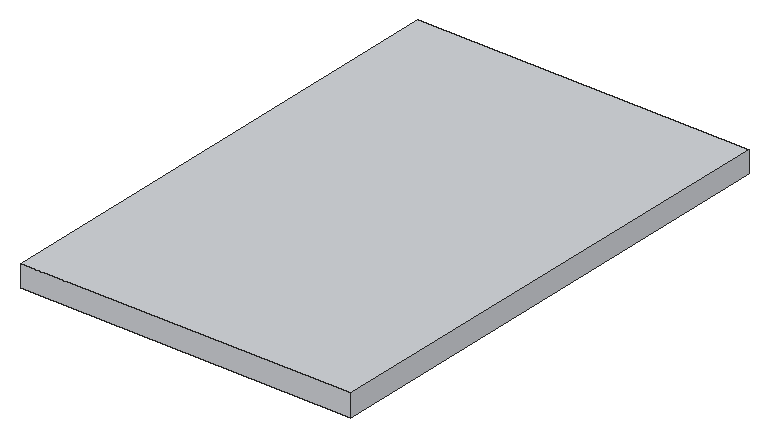
Revit family "CIRQUA-L 1Xxxx-Mx-FSW", category Oprawy oświetleniowe, Revit 2019
Family settings
  Obiekt nadrzędny = Powierzchnia
  Wymiar okrągłego złącza = Użyj średnicy
  Typ części = Normalny
  Numer OmniClass = 23.80.70.11
  Tytuł OmniClass = Luminaries for Internal Lighting
  Tnij formami wycięć po wczytaniu = Nie
  Źródło światła = Tak
  Współdzielony = Nie
  Punkt obliczania pomieszczeń = Nie
Parameters (values of type "CIRQUA-L 1X3100-930 M-DA-FSW")
  width = 100 mm  # constant formula
  weight = "1,3 kg"  # constant formula
  voltage type (AC, DC, UC) = "AC"
  rated input power = 34
  product name = "CIRQUA-L 1X3100-930 M-DA-FSW"
  nominal voltage = "230"
  nominal frequency = "50-60Hz"
  length = 310 mm  # constant formula
  ingress protection (IP) code = "IP20"
  height = 171 mm  # constant formula
  electrical safety class = "1"
  control gear = ""
  conformity mark = "CE"  # constant formula
  brand = "RIDI"
  approval mark = ""
  built-in parameter 1150104 = 13.8 (stored number, unit not read)
  Wattage = 20.8022 W
  Emituj ze średnicy okręgu = 76 mm  # constant formula
  Default Elevation = 0 mm
  built-in parameter 1150113 = 1 (stored number, unit not read)
  built-in parameter 1114218 = 1 (stored number, unit not read)
  URL = "www.ridi.de"
  built-in parameter 1150134 = (empty or 0)
  built-in parameter 1150109 = 1 (stored number, unit not read)
  built-in parameter 1150110 = 1 (stored number, unit not read)
  Apparent Load = 34 VA
  Tilt Angle = 90.00°
  Model = "0331979AQ"
  built-in parameter 1114217 = 1 (stored number, unit not read)
  built-in parameter 1150139 = (empty or 0)
  built-in parameter 1150105 = 14274.1 (stored number, unit not read)
  built-in parameter 1150114 = 1 (stored number, unit not read)
  Lumens = 3090 lm
  built-in parameter 1150115 = 1 (stored number, unit not read)
  built-in parameter 1150112 = 1 (stored number, unit not read)
  Lampa = "LED"
  Producent = "RIDI Leuchten GmbH"  # constant formula
  Dimming Lamp Color Temperature Shift = (empty or 0)
  Color Filter = 16777215
  built-in parameter 1150133 = 10 (stored number, unit not read)
  Emit Shape Visible in Rendering = no
  built-in parameter 1150137 = (empty or 0)
  built-in parameter 1150132 = 2
  Plik sieci fotometrycznej = "CIRQUA-L 1x3200-840 M.IES"
  Copyright = "© RIDI. All rights reserved."  # constant formula
  built-in parameter 1150106 = 142.74 (stored number, unit not read)
  Kod zespołu = "D5020200"
  built-in parameter 1150107 = 3000 (stored number, unit not read)
  built-in parameter 1150102 = (empty or 0)
  built-in parameter 1150138 = (empty or 0)
Types (10, lengths in mm): name | rated input power | product name | Wattage | built-in parameter 1150134 | Apparent Load | Model | built-in parameter 1150105 | Lumens | built-in parameter 1150106 | built-in parameter 1150107
  (no name) | 34 | "CIRQUA-L 1X3100-930 M-DA-FSW" | 20.8022 W | (empty or 0) | 34 VA | "0331979AQ" | 14274.1 (stored number, unit not read) | 3090 lm | 142.74 (stored number, unit not read) | 3000 (stored number, unit not read)
  CIRQUA-L 1X3000-830 M-FSW | 26 | "CIRQUA-L 1X3000-830 M-FSW" | 20.3983 W | (empty or 0) | 26 VA | "0321963AQ" | 241.12 (stored number, unit not read) | 3030 lm | 2.4112 (stored number, unit not read) | 3000 (stored number, unit not read)
  CIRQUA-L 1X3600-830 M-FSW | 34 | "CIRQUA-L 1X3600-830 M-FSW" | 24.1009 W | (empty or 0) | 34 VA | "0321967AQ" | 16537.6 (stored number, unit not read) | 3580 lm | 165.38 (stored number, unit not read) | 3000 (stored number, unit not read)
  CIRQUA-L 1X3600-830 M-DA-FSW | 34 | "CIRQUA-L 1X3600-830 M-DA-FSW" | 24.1009 W | (empty or 0) | 34 VA | "0331967AQ" | 16537.6 (stored number, unit not read) | 3580 lm | 165.38 (stored number, unit not read) | 3000 (stored number, unit not read)
  CIRQUA-L 1X3200-840 M-FSW | 26 | "CIRQUA-L 1X3200-840 M-FSW" | 21.4754 W | 12 | 26 VA | "0321951AQ" | 14736 (stored number, unit not read) | 3190 lm | 147.36 (stored number, unit not read) | 4000 (stored number, unit not read)
  CIRQUA-L 1X3800-840 M-FSW | 34 | "CIRQUA-L 1X3800-840 M-FSW" | 25.5147 W | 12 | 34 VA | "0321955AQ" | 17507.7 (stored number, unit not read) | 3790 lm | 175.08 (stored number, unit not read) | 4000 (stored number, unit not read)
  CIRQUA-L 1X3800-840 M-DA-FSW | 34 | "CIRQUA-L 1X3800-840 M-DA-FSW" | 25.5147 W | 12 | 34 VA | "0331955AQ" | 17507.7 (stored number, unit not read) | 3790 lm | 175.08 (stored number, unit not read) | 4000 (stored number, unit not read)
  CIRQUA-L 1X2600-930 M-FSW | 26 | "CIRQUA-L 1X2600-930 M-FSW" | 17.5035 W | (empty or 0) | 26 VA | "0321975AQ" | 12010.5 (stored number, unit not read) | 2600 lm | 120.11 (stored number, unit not read) | 3000 (stored number, unit not read)
  CIRQUA-L 1X3100-930 M-FSW | 34 | "CIRQUA-L 1X3100-930 M-FSW" | 20.8022 W | (empty or 0) | 34 VA | "0321979AQ" | 14274.1 (stored number, unit not read) | 3090 lm | 142.74 (stored number, unit not read) | 3000 (stored number, unit not read)
  CIRQUA-L 1X3100-930 M-DA-FSW | 34 | "CIRQUA-L 1X3100-930 M-DA-FSW" | 20.8022 W | (empty or 0) | 34 VA | "0331979AQ" | 14274.1 (stored number, unit not read) | 3090 lm | 142.74 (stored number, unit not read) | 3000 (stored number, unit not read)
Reference planes
  plane 1 "Mitte (Vorne/hinten)": y = 0
  plane 2: z = 24.176
  plane 3 "Mitte (Links/rechts)": x = 22
  plane 4: z = 0
Forms (mm)
  Extrusion 1, solid
    sketch origin (219.2, 280.8, 0) x (1, 0, 0) y (0, 1, 0)
      loop
        line (-1219.2, 1219.2) -> (-1219.2, -1780.8) -> (780.8, -1780.8) -> (780.8, 1219.2) -> (-1219.2, 1219.2)
    from 24.176 to -107.307
Dimensions and locks
  aligned and locked: plane 2 to Extrusion 1
Connectors
  electrical at (-103.767, 0, 25.176), driven by "Apparent Load"
    settings: on import instance, index 1, voltage 230 V, apparent load 0 VA, apparent load phase1 34 VA, apparent load phase2 0 VA, apparent load phase3 0 VA, power factor 1, load classification "Lighting", number of poles 1, system type 31, power factor state 1, is connector primary yes, connector utility no, sub classification motor no, connector description ""
